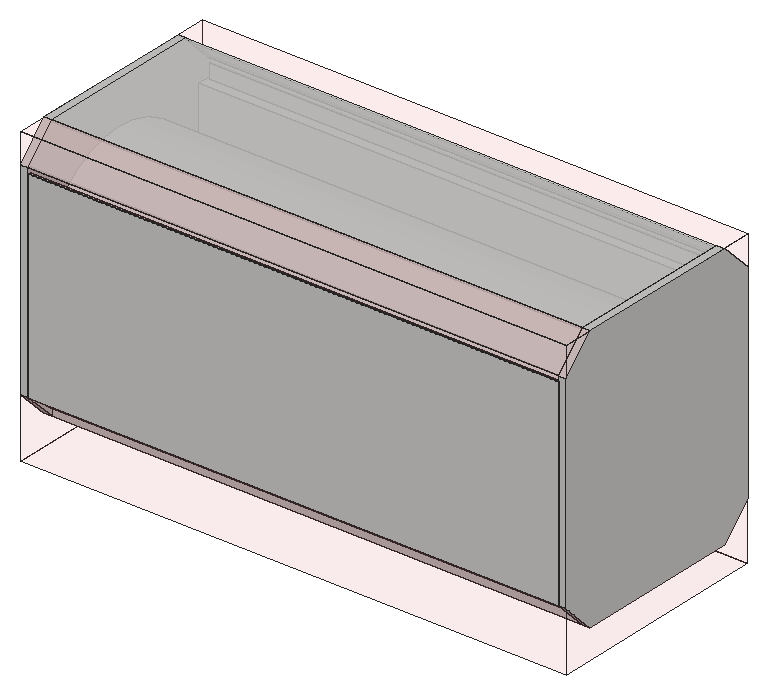
Revit family "Air-Curtain_Climate-Control_PoweredAire_ETD", category Mechanical Equipment, host Face, Revit 2020
Family settings
  Host = Face
  Round Connector Dimension = Use Diameter
  Part Type = Normal
  OmniClass Number = 23.75.35.17.21
  OmniClass Title = Air Curtains
  Cut with Voids When Loaded = No
  Shared = No
  Room Calculation Point = No
Parameters
  Warranty Duration (Years) = 0
  Unit Width Notes = "Other Widths available."  # constant formula
  Unit Width = 3' - 0"
  Unit Weight = 0
  Unit Height = 1' - 3"
  Unit Depth = 1' - 5 1/2"
  URL = "http://www.poweredaire.com/"
  Test Data = ""
  Temperature Rise_Range = "as Specified"
  Standards Conformance = "as Specified"
  Specification = "http://www.arcat.com/sdspecs/htm04/23_34_33pai.htm"
  SpecWizard = ""
  Sound Pressure = "as Specified"
  Sales Information = "http://www.poweredaire.com/contact_us"
  Revision = "R1_2016-08"
  Projection from Host [instance] = 0' - 2"
  Product Properties = ""
  Product Data = "http://www.arcat.com/arcatcos/cos47/arc47623.html"
  Power Rating = 0 W
  Outlet Volume_Range = "as Specified"
  Outlet Velocity_Range = "as Specified"
  Nozzle Width = if(1 = 1, Unit Width - 0' 1", 0' 0")  # 2' - 11"
  Mounting Width = if(1 = 1, Unit Width - 0' 0 15/16", 0' 0")  # 2' - 11 1/16"
  Mounting Height [instance] = 3' - 6"
  Motor RPM = 0
  Motor HP = 0
  Motor Count = 0
  Model = "As Specified"
  Max Height = 0' - 0"
  Manufacturer Website = "http://www.poweredaire.com/"
  Manufacturer Phone - Toll Free = "888-321-2473"
  Manufacturer Phone = "724-588-3305"
  Manufacturer Fax = "724-588-3371"
  Manufacturer Address = "109 Mortensen Rd.  Greenville, PA 16125"
  Manufacturer = "Powered Aire, Inc"
  Maintenance Schedule (Months) = 0
  Keynote = "23 34 33"
  Installation-Fabrication = ""
  Installation Phase = ""
  Include Clearance [instance] = yes
  Heating Element Load = 0 W
  HVAC_Temperature Rise [instance] = 0 °F
  HVAC_Outlet Volume [instance] = 0 CFM
  HVAC_Outlet Velocity Uniformity = 0
  HVAC_Outlet Velocity [instance] = 0 FPM
  Green Building-LEED = "http://www.arcat.com/green/clients/leed_data_47623.html"
  Front Grating Material [instance] = Metal - Steel - PoweredAire - Stainless 304 Perforated
  Frame Finish [instance] = Metal - Steel - PoweredAire - Stainless 304
  Expected Lifespan (Years) = 0
  Electrical_Wattage [instance] = Power Rating + Heating Element Load  # 0 W
  Electrical_Voltage [instance] = 0 V
  Electrical_Phase [instance] = 1
  Electrical_Frequency [instance] = 0 Hz
  Electrical_Amperage [instance] = 0 A
  Drawn By = "Sumex Design, Inc. / Robert S. Weygant, CSI, CDT, SCIP"
  Description = "Powered Aire Air Curtain as Specified"
  Default Elevation = 0' - 0"  # constant formula
  Copyright = "©Arcat Inc."
  Construction Details = "http://www.arcat.com/details/powair/prod3336.html"
  Clearance_Top [instance] = 0' - 0"
  Clearance_Side B [instance] = 0' - 0"
  Clearance_Side A [instance] = 0' - 0"
  Clearance_Intake [instance] = 0' - 0"
  Clearance_Bottom [instance] = 0' - 0"
  Clearance Material [instance] = ARCAT Clearance
  Building Codes = ""
  Available Options [instance] = "as Specified"
  Assembly Code = "D3090400"
Reference planes (in)
  plane 1 "Center (Elevation)": y = 0.13818
  plane 2: z = 0
  plane 3 "Center (Left/Right)": x = 0
  plane 4: y = 7.63818
  plane 5: y = -7.36182
  plane 6: x = -18
  plane 7: x = 18
  plane 8: z = 19.5
  plane 9 "FF": y = -41.86182
  plane 10: z = 2
  plane 11: x = 17.5
  plane 12: x = -17.5
  plane 13: y = 7.63818
  plane 14: y = -7.36182
  plane 15: x = -18
  plane 16: x = 18
  plane 17: z = 19.5
Forms (in)
  Extrusion 1, solid, material "Metal - Steel - PoweredAire - Stainless 304" <- "Frame Finish"
    sketch origin (0, 0, 0) x (0, 1, 0) y (0, 0, 1)
      loop
        line (5.69363, 2) -> (7.63818, 3.94454) -> (7.63818, 17.55546) -> (5.69363, 19.5) -> (-5.41728, 19.5) -> (-7.36182, 17.55546) -> (-7.36182, 3.94454) -> (-5.41728, 2) -> (5.69363, 2)
    from 17.5 to 18
  Extrusion 2, solid, material "Metal - Steel - PoweredAire - Stainless 304" <- "Frame Finish"
    sketch origin (0, 0, -0.5) x (0, 1, 0) y (0, 0, 1)
      loop
        circle (0.13818, 10.9739) r 6.25
      loop
        line (6.63818, 16.89427) -> (6.63818, 5.87829) -> (7.33849, 5.87829) -> (7.33849, 16.89427) -> (6.63818, 16.89427)
      loop
        line (-7.02798, 16.76927) -> (-7.02798, 5.75329) -> (-6.36182, 5.75329) -> (-6.36182, 16.76927) -> (-7.02798, 16.76927)
    from -17.5 to 17.5
  Extrusion 3, solid, material "Metal - Steel - PoweredAire - Stainless 304" <- "Frame Finish"
    sketch origin (0, 0, 0) x (0, 1, 0) y (0, 0, -1)
      loop
        line (5.69363, -2) -> (-5.41728, -2) -> (-7.36182, -3.94454) -> (-7.36182, -17.55546) -> (-5.41728, -19.5) -> (5.69363, -19.5) -> (7.63818, -17.55546) -> (7.63818, -3.94454) -> (5.69363, -2)
    from 17.5 to 18
  Extrusion 4, solid, material "Metal - Steel - PoweredAire - Stainless 304" <- "Frame Finish"
    sketch origin (0, 0, 0) x (0, 1, 0) y (0, 0, 1)
      loop
        line (-5.41728, 2) -> (5.69363, 2) -> (7.63818, 3.94454) -> (7.63818, 17.19454) -> (7.51318, 17.19454) -> (7.51318, 3.99632) -> (5.64186, 2.125) -> (-5.29228, 2.125) -> (-5.29228, 4.06954) -> (-7.23682, 4.06954) -> (-7.23682, 17.19454) -> (-7.36182, 17.19454) -> (-7.36182, 3.94454) -> (-5.41728, 3.94454) -> (-5.41728, 2)
      loop
        line (-6.64819, 3.61034) -> (-5.8702, 2.83235) -> (-5.74472, 2.95783) -> (-6.52271, 3.73583) -> (-6.64819, 3.61034)
    from -17.5 to 17.5
  Extrusion 5, solid, material "Metal - Steel - PoweredAire - Stainless 304 Perforated" <- "Front Grating Material"
    sketch origin (0, 0, 0) x (0, 1, 0) y (0, 0, 1)
      loop
        line (-7.36182, 17.19454) -> (-7.23682, 17.19454) -> (-7.23682, 17.50368) -> (-5.3655, 19.375) -> (5.64186, 19.375) -> (7.51318, 17.50368) -> (7.51318, 17.19454) -> (7.63818, 17.19454) -> (7.63818, 17.55546) -> (5.69363, 19.5) -> (-5.41728, 19.5) -> (-7.36182, 17.55546) -> (-7.36182, 17.19454)
    from -17.5 to 17.5
  Extrusion 6, solid, material "ARCAT Clearance" <- "Clearance Material", visible <- "Include Clearance"
    sketch origin (0, 0, 0) x (0, 1, 0) y (0, 0, 1)
      loop
        line (-7.36182, 19.5) -> (-7.36182, 0) -> (7.63818, 0) -> (7.63818, 19.5) -> (-7.36182, 19.5)
    from -18 to 18
Dimensions and locks (in)
  equal spacing: plane 4, plane 1 "Center (Elevation)", plane 5
  "Unit Height": plane 4 to plane 5
  equal spacing: plane 6, plane 3 "Center (Left/Right)", plane 7
  "Unit Width": plane 6 to plane 7
  "Mounting Height": plane 1 "Center (Elevation)" to plane 9 "FF"
  "Projection from Host": plane 10 to level
  "Unit Depth": plane 8 to plane 10
  locked: plane 6 to plane 12 at 0.5
  locked: plane 11 to plane 7 at 0.5
  "Clearance_Side A": plane 7 to plane 16
  "Clearance_Side B": plane 15 to plane 6
  "Clearance_Top": plane 13 to plane 4
  "Clearance_Bottom": plane 5 to plane 14
  "Clearance_Intake": plane 17 to plane 8
  aligned and locked: plane 2 to host face
  aligned and locked: level to host face
  aligned and locked: plane 7 to Extrusion 1
  aligned and locked: Extrusion 1 to plane 11
  aligned and locked: plane 12 to Extrusion 3
  aligned and locked: Extrusion 3 to plane 6
  aligned and locked: Extrusion 2 to plane 12
  aligned and locked: plane 11 to Extrusion 2
  aligned and locked: plane 11 to Extrusion 4
  aligned and locked: Extrusion 4 to plane 12
  aligned and locked: plane 11 to Extrusion 5
  aligned and locked: Extrusion 5 to plane 12
  aligned and locked: Extrusion 6 sketch curve to plane 17
  aligned and locked: plane 14 to Extrusion 6 sketch curve
  aligned and locked: level to Extrusion 6 sketch curve
  aligned and locked: Extrusion 6 sketch curve to plane 13
  aligned and locked: plane 16 to Extrusion 6
  aligned and locked: Extrusion 6 to plane 15
Automatic sketch dimensions
  host sketch curve to host sketch curve = 8' - 0"  (x2)
  Extrusion 1 sketch curve to plane 5 = 0' - 0"
  Extrusion 1 sketch curve to plane 8 = 0' - 0"
  Extrusion 1 sketch curve to plane 10 = 0' - 0"
  Extrusion 1 sketch curve to plane 4 = 0' - 0"
  plane 5 to Extrusion 1 sketch curve = 0' - 1.94454"  (x2)
  Extrusion 1 sketch curve to plane 4 = 0' - 1.94454"  (x2)
  plane 10 to Extrusion 1 sketch curve = 0' - 1.94454"  (x2)
  Extrusion 1 sketch curve to plane 8 = 0' - 1.94454"  (x2)
  Extrusion 2 sketch curve to plane 1 "Center (Elevation)" = 0' - 0"
  plane 5 to Extrusion 2 sketch curve = 0' - 1"
  plane 5 to Extrusion 2 sketch curve = 0' - 0.33384"
  Extrusion 2 sketch curve to plane 4 = 0' - 1"
  Extrusion 2 sketch curve to plane 4 = 0' - 0.29969"
  plane 10 to Extrusion 2 sketch curve = 0' - 3.37829"
  plane 10 to Extrusion 2 sketch curve = 0' - 3.25329"
  Extrusion 2 sketch curve to plane 8 = 0' - 9.0261"
  Extrusion 2 sketch curve to plane 8 = 0' - 3.23073"
  Extrusion 2 sketch curve to plane 8 = 0' - 3.10573"
  Extrusion 3 sketch curve to plane 5 = 0' - 0"
  Extrusion 3 sketch curve to plane 8 = 0' - 0"
  Extrusion 3 sketch curve to plane 10 = 0' - 0"
  Extrusion 3 sketch curve to plane 4 = 0' - 0"
  plane 5 to Extrusion 3 sketch curve = 0' - 1.94454"  (x2)
  Extrusion 3 sketch curve to plane 4 = 0' - 1.94454"  (x2)
  Extrusion 3 sketch curve to plane 8 = 0' - 1.94454"  (x2)
  plane 10 to Extrusion 3 sketch curve = 0' - 1.94454"  (x2)
  Extrusion 4 sketch curve to plane 5 = 0' - 0"
  Extrusion 4 sketch curve to plane 10 = 0' - 0"
  Extrusion 4 sketch curve to plane 4 = 0' - 0"
  plane 5 to Extrusion 4 sketch curve = 0' - 0 1/8"
  plane 5 to Extrusion 4 sketch curve = 0' - 0.71363"
  Extrusion 4 sketch curve to Extrusion 4 sketch curve = 0' - 0.12548"  (x2)
  Extrusion 4 sketch curve to Extrusion 4 sketch curve = 0' - 0.778"
  Extrusion 4 sketch curve to Extrusion 4 sketch curve = 0' - 0.32744"
  Extrusion 4 sketch curve to Extrusion 4 sketch curve = 0' - 0 1/8"  (x2)
  plane 10 to Extrusion 4 sketch curve = 0' - 0 1/8"
  Extrusion 4 sketch curve to plane 4 = 0' - 1.99632"
  Extrusion 4 sketch curve to Extrusion 4 sketch curve = 0' - 0.05178"  (x2)
  plane 10 to Extrusion 4 sketch curve = 0' - 0.83235"
  plane 10 to Extrusion 4 sketch curve = 0' - 1.94454"
  Extrusion 4 sketch curve to Extrusion 4 sketch curve = 0' - 0.3342"
  Extrusion 4 sketch curve to plane 4 = 0' - 0 1/8"
  Extrusion 4 sketch curve to plane 8 = 0' - 2.30546"  (x2)
  Extrusion 5 sketch curve to plane 5 = 0' - 0"
  Extrusion 5 sketch curve to plane 8 = 0' - 0"
  Extrusion 5 sketch curve to plane 4 = 0' - 0"
  plane 5 to Extrusion 5 sketch curve = 0' - 0 1/8"
  plane 5 to Extrusion 5 sketch curve = 0' - 1.94454"
  Extrusion 5 sketch curve to plane 8 = 0' - 0 1/8"
  Extrusion 5 sketch curve to Extrusion 5 sketch curve = 0' - 0.05178"  (x4)
  Extrusion 5 sketch curve to plane 4 = 0' - 1.99632"
  Extrusion 5 sketch curve to plane 8 = 0' - 1.94454"  (x2)
  Extrusion 5 sketch curve to Extrusion 5 sketch curve = 0' - 0 1/8"
  Extrusion 5 sketch curve to Extrusion 5 sketch curve = 0' - 0.30914"  (x2)
  radius of Extrusion 2 sketch curve = 0' - 6 1/4"
Connectors (in)
  electrical at (0, 7.63818, 10.56954), driven by "Electrical_Phase", driven by "Electrical_Voltage"
    settings: on Extrusion 4, index 1, voltage 0 V, apparent load 0 VA, apparent load phase1 0 VA, apparent load phase2 0 VA, apparent load phase3 0 VA, power factor 1, load classification "Motor", number of poles 1, system type 31, power factor state 1, is connector primary yes, connector utility no, sub classification motor no, connector description ""
